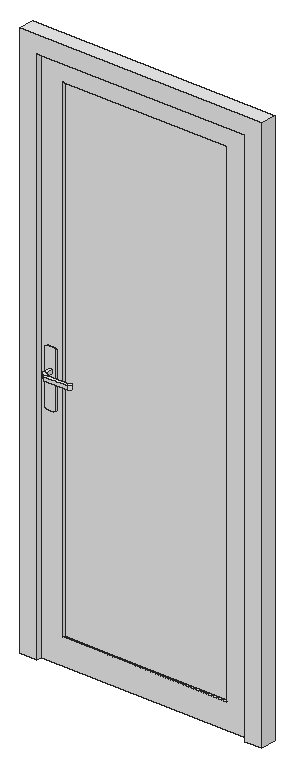
Revit family "1f8d478efd5c45ef9d9ec268079f8082", category Portes, Revit 2024
Family settings
  Hôte = Mur
  Toujours verticalement = Oui
  Couper avec des vides une fois chargée = Non
  Partagée = Non
  Repère de localisation dans la pièce = Non
Parameters (values of type "0.83m x 2.10m")
  Visual Light Transmittance = 0.9
  Définir les propriétés thermiques par = Type schématique
  Solar Heat Gain Coefficient = 0.86
  Prof. Feuillure = 50 mm
  ID de type de construction = ""
  Coefficient de transfert thermique (U) = 5.5617 W/(m²·K)
  Poignée = PVC - Blanc
  Panneau = PVC - Blanc
  Opération = "SingleSwingRight"
  Fonction = Intérieur
  Dormants = PVC - Blanc
  Larg. Feuillure = 40 mm
  Hauteur = 2100 mm
  Fermeture du mur = Par hôte
  Largeur = 830 mm
  Epaisseur = 40 mm
  Hauteur de la poignée = 1000 mm
  Construction analytique = Grandes fenêtres à vitrage simple
Types (4, lengths in mm): name | Largeur
  (no name) | 830
  0.73m x 2.10m | 730
  0.83m x 2.10m | 830
  0.93m x 2.10m | 930
Reference planes
  plane 1: y = -3.794
  plane 2 "Centre (gauche/droite)": x = 0
  plane 3 "Gauche": x = -425
  plane 4 "Droite": x = 425
  plane 5: z = 2110
  plane 6 "Extérieur": y = 71.206
  plane 7 "Intérieur": y = -78.794
  plane 8: x = -415
  plane 9: x = 415
  plane 10: x = -315
  plane 11: x = 315
  plane 12: z = 1000
  plane 13 "FM": y = -28.794
  plane 14: z = 2100
  plane 15: x = -400
  plane 16: x = 400
  plane 17: z = 1055
Forms (mm)
  Extrusion 1, void
    sketch origin (0, 0, 0) x (1, 0, 0) y (0, 1, 0)
      loop
        line (-425, 371.206) -> (-425, -378.794) -> (425, -378.794) -> (425, 371.206) -> (-425, 371.206)
    from 0 to 2110
  Sweep 2, void
    path origin (0, -78.794, 0) x (1, 0, 0) y (0, 0, 1)
      loop
        line (-425, 0) -> (-425, 2110) -> (425, 2110) -> (425, 0)
    profile origin (0, 0, 1055) x (-1, 0, 0) y (0, -1, 0)
      loop
        line (465, 78.794) -> (425, 78.794) -> (425, 28.794) -> (465, 28.794) -> (465, 78.794)
  Sweep 3, solid, material "PVC - Blanc" <- "Dormants", detail levels coarse+medium
    path origin (0, -78.794, 0) x (1, 0, 0) y (0, 0, 1)
      loop
        line (-425, 0) -> (-425, 2110) -> (425, 2110) -> (425, 0)
    profile origin (0, 0, 1055) x (-1, 0, 0) y (0, -1, 0)
      loop
        line (465, 88.794) -> (415, 88.794) -> (415, 28.794) -> (465, 28.794) -> (465, 88.794)
  Sweep 4, solid, material "PVC - Blanc" <- "Dormants", detail levels fine
    path origin (0, -78.794, 0) x (1, 0, 0) y (0, 0, 1)
      loop
        line (-425, 0) -> (-425, 2110) -> (425, 2110) -> (425, 0)
    profile origin (0, 0, 1055) x (-1, 0, 0) y (0, -1, 0)
      loop
        line (400, 88.794) -> (400, 68.794) -> (415, 68.794) -> (415, 28.794) -> (465, 28.794) -> (465, 88.794) -> (400, 88.794)
  Extrusion 5, solid, material "PVC - Blanc" <- "Panneau", detail levels medium+fine
    sketch origin (-415, -68.794, 0) x (0, 0, 1) y (1, 0, 0)
      loop
        line (2100, 830) -> (0, 830) -> (0, 0) -> (2100, 0) -> (2100, 830)
    from 0 to 40 <- "Epaisseur"
  Extrusion 6, void
    sketch origin (-415, -28.794, 0) x (0, 0, -1) y (1, 0, 0)
      loop
        line (-2010, 730) -> (-2010, 100) -> (-100, 100) -> (-100, 730) -> (-2010, 730)
    from 0 to 8
  Extrusion 7, void
    sketch origin (-415, -68.794, 0) x (0, 0, 1) y (1, 0, 0)
      loop
        line (2010, 100) -> (2010, 730) -> (100, 730) -> (100, 100) -> (2010, 100)
    from 0 to 8
  Extrusion 8, solid, material "PVC - Blanc" <- "Panneau", detail levels coarse
    sketch origin (-415, -68.794, 0) x (0, 0, 1) y (1, 0, 0)
      loop
        line (2100, 830) -> (0, 830) -> (0, 0) -> (2100, 0) -> (2100, 830)
    from 0 to 40 <- "Epaisseur"
Cuts and joins
  Extrusion 6, Extrusion 7 cuts Sweep 3
  Extrusion 6, Extrusion 7 cuts Sweep 4
  Extrusion 6, Extrusion 7 cuts Extrusion 5
Lines and regions (mm)
  symbolic lines, style "Sens d'ouverture du plan", detail levels medium+fine
    curve 1: arc (-415, -28.794, 0) -> (-171.899, 558.105, 0) -> (415, 801.206, 0) r 830
  symbolic lines, style "DoorsPanelProjection"
    curve 2: line (415, -28.794, 0) -> (415, 801.206, 0)
  symbolic lines, style "DoorsPanelProjection", detail levels fine
    curve 3: line (415, 801.206, 0) -> (375, 801.206, 0)
    curve 4: line (375, 801.206, 0) -> (375, -28.794, 0)
    curve 5: line (415, -28.794, 0) -> (375, -28.794, 0)
  symbolic lines, style "Sens d'ouverture du plan", detail levels coarse
    curve 6: line (-415, -28.794, 0) -> (415, 801.206, 0)
  symbolic lines, style "Sens d'ouverture de l'élévation"
    curve 7: line (415, -78.794, 2100) -> (-415, -78.794, 1055)
    curve 8: line (-415, -78.794, 1055) -> (415, -78.794, 0)
Text (mm)
  text "Extérieur" at (-2295.016, 1099.543, 0), in view "Faible"
  text "Extérieur" at (0, 1615.38, 3698.081), in view "Gauche"
  text "Extérieur" at (0, 1036.032, 3874.932), in view "Droite"
  text "Extérieur" at (-2295.016, 1099.543, 0), in view "Moyen"
  text "Extérieur" at (-2295.016, 1099.543, 0), in view "Elevé"
Dimensions and locks
  equal spacing: plane 3 "Gauche", plane 2 "Centre (gauche/droite)", plane 4 "Droite"
  "Largeur": plane 8 to plane 9
  host wall to plane 5 = 2110 mm  (x2)
  locked: plane 6 "Extérieur" to host wall
  locked: plane 7 "Intérieur" to host wall
  locked: plane 8 to plane 10 at 100
  locked: plane 11 to plane 9 at 100
  "Hauteur de la poignée": plane 12 to level
  locked: plane 3 "Gauche" to plane 8 at 10
  locked: plane 6 "Extérieur" to Extrusion 1 sketch curve at 300
  locked: Extrusion 1 sketch curve to plane 7 "Intérieur" at 300
  "Prof. Feuillure": plane 7 "Intérieur" to Sweep 2 sketch curve
  "Larg. Feuillure": Sweep 2 sketch curve to plane 3 "Gauche"
  locked: Sweep 3 sketch curve to plane 7 "Intérieur" at 10
  "Larg. Feuillure": Sweep 3 sketch curve to plane 3 "Gauche"
  "Prof. Feuillure": plane 7 "Intérieur" to Sweep 3 sketch curve
  "Larg. Feuillure": Sweep 4 sketch curve to plane 3 "Gauche"
  "Prof. Feuillure": plane 7 "Intérieur" to Sweep 4 sketch curve
  locked: Sweep 4 sketch curve to plane 7 "Intérieur" at 10
  "Prof. Feuillure": plane 7 "Intérieur" to plane 13 "FM"
  locked: plane 5 to plane 14 at 10
  "Hauteur": plane 14 to level
  locked: plane 9 to plane 4 "Droite" at 10
  locked: plane 8 to plane 15 at 15
  locked: plane 16 to plane 9 at 15
  "Epaisseur": Sweep 4 sketch curve to Sweep 4 sketch curve
  locked: Extrusion 6 sketch curve to plane 5 at 100
  locked: cut or joined group of Extrusion 5, Extrusion 6, Extrusion 7 to Extrusion 6 sketch curve at 100
  locked: Extrusion 7 sketch curve to cut or joined group of Extrusion 5, Extrusion 6, Extrusion 7 at 100
  locked: plane 5 to Extrusion 7 sketch curve at 100
  "Epaisseur": curve 4 to plane 9
  equal spacing: plane 5, plane 17, level
  aligned and locked: plane 1 to host wall
  aligned and locked: Extrusion 1 sketch curve to plane 3 "Gauche"
  aligned and locked: plane 4 "Droite" to Extrusion 1 sketch curve
  aligned and locked: Sweep 2 sketch curve to plane 3 "Gauche"  (x2)
  aligned and locked: Sweep 2 sketch curve to plane 4 "Droite"
  aligned and locked: plane 5 to Sweep 2 sketch curve
  aligned and locked: plane 7 "Intérieur" to Sweep 2 sketch curve
  aligned and locked: Sweep 3 sketch curve to plane 3 "Gauche"
  aligned and locked: Sweep 3 sketch curve to plane 4 "Droite"
  aligned and locked: plane 5 to Sweep 3 sketch curve
  aligned and locked: Sweep 3 sketch curve to plane 8
  aligned and locked: Sweep 4 sketch curve to plane 3 "Gauche"
  aligned and locked: Sweep 4 sketch curve to plane 4 "Droite"
  aligned and locked: plane 5 to Sweep 4 sketch curve
  aligned and locked: nested 1 to plane 8
  aligned and locked: Extrusion 1 to plane 5
  aligned and locked: Sweep 4 sketch curve to plane 8
  aligned and locked: plane 15 to Sweep 4 sketch curve
  aligned and locked: Extrusion 5 sketch curve to Sweep 4  (x3)
  aligned and locked: Extrusion 5 sketch curve to level
  aligned and locked: nested 1 to Sweep 3
  aligned and locked: plane 11 to Extrusion 6 sketch curve
  aligned and locked: Extrusion 6 sketch curve to plane 10
  aligned and locked: Extrusion 7 sketch curve to plane 10
  aligned and locked: plane 11 to Extrusion 7 sketch curve
  aligned and locked: cut or joined group of Sweep 3, Extrusion 6, Extrusion 7 to curve 1
  aligned and locked: curve 2 to plane 9
  aligned and locked: plane 13 "FM" to curve 5
  aligned and locked: Extrusion 8 sketch curve to plane 9
  aligned and locked: Extrusion 8 sketch curve to plane 14
  aligned and locked: Extrusion 8 sketch curve to plane 8
  aligned and locked: Extrusion 8 sketch curve to level
  aligned and locked: plane 9 to Extrusion 8  (x2)
  aligned and locked: plane 17 to curve 8
  aligned and locked: level to Extrusion 8
Automatic sketch dimensions
  Sweep 2 sketch curve to level = 0 mm  (x2)
  Sweep 3 sketch curve to level = 0 mm  (x2)
  Sweep 4 sketch curve to level = 0 mm  (x2)
  curve 1 to plane 8 = 0 mm
  curve 8 to plane 8 = 0 mm
  curve 8 to level = 0 mm
  curve 8 to plane 9 = 0 mm
  curve 7 to plane 9 = 0 mm
  curve 7 to plane 14 = 0 mm
Nested families
  nested 1: "Poignée Porte" at (-399.12, -3.512, 0), type "Poignée Porte", detail levels fine
    with Hauteur de la poignée 1000 mm
Definition of nested family "Poignée Porte"
  Parameters
    Mat. Poignée = none
    Ep. Panneau = 40 mm
    Hauteur de la poignée = 1200 mm
    Dec. Bord Porte = 55 mm
  Reference planes
    plane 1 "Centre (avant/arrière)": y = -45.282
    plane 2: z = 0
    plane 3 "Centre (gauche/droite)": x = -15.88
    plane 4 "EP": z = 1200
    plane 5 "AR": y = -25.282
    plane 6 "AV": y = -65.282
    plane 7: x = 39.12
  Forms (mm)
    Extrusion 1, solid, material <- "Mat. Poignée"
      sketch origin (0, -65.282, 0) x (1, 0, 0) y (0, 0, 1)
        loop
          line (19.12, 1280) -> (19.12, 1070)
          arc (19.12, 1070) -> (39.12, 1064.641) -> (59.12, 1070) r 40
          line (59.12, 1070) -> (59.12, 1280)
          arc (59.12, 1280) -> (39.12, 1285.359) -> (19.12, 1280) r 40
      from 0 to 5
    Extrusion 2, solid, material <- "Mat. Poignée"
      sketch origin (0, -25.282, 0) x (1, 0, 0) y (0, 0, 1)
        loop
          line (59.12, 1070) -> (59.12, 1280)
          arc (59.12, 1280) -> (39.12, 1285.359) -> (19.12, 1280) r 40
          line (19.12, 1280) -> (19.12, 1070)
          arc (19.12, 1070) -> (39.12, 1064.641) -> (59.12, 1070) r 40
      from 0 to -5
    Sweep 3, solid, material <- "Mat. Poignée"
      path origin (0, 0, 1200) x (0, -1, 0) y (1, 0, 0)
        loop
          line (70.282, 39.12) -> (95.447, 39.12) -> (110.31, 53.982) -> (110.31, 139.138) -> (103.239, 146.21)
      profile origin (0, -82.864, 0) x (1, 0, 0) y (0, 0, 1)
        loop
          arc (33.12, 1193) -> (39.12, 1192.121) -> (45.12, 1193) r 20.924
          line (45.12, 1193) -> (45.12, 1207)
          arc (45.12, 1207) -> (39.12, 1207.879) -> (33.12, 1207) r 20.924
          line (33.12, 1207) -> (33.12, 1193)
    Sweep 4, solid, material <- "Mat. Poignée"
      path origin (0, 0, 1200) x (0, -1, 0) y (1, 0, 0)
        loop
          line (20.282, 39.12) -> (-4.689, 39.12) -> (-19.689, 54.12) -> (-19.689, 139.166) -> (-12.618, 146.237)
      profile origin (0, -7.796, 0) x (-1, 0, 0) y (0, 0, 1)
        loop
          line (-45.12, 1207) -> (-45.12, 1193)
          arc (-45.12, 1193) -> (-39.12, 1192.121) -> (-33.12, 1193) r 20.924
          line (-33.12, 1193) -> (-33.12, 1207)
          arc (-33.12, 1207) -> (-39.12, 1207.879) -> (-45.12, 1207) r 20.924
  Dimensions and locks
    "Hauteur de la poignée": plane 4 "EP" to level
    equal spacing: plane 6 "AV", plane 1 "Centre (avant/arrière)", plane 5 "AR"
    "Ep. Panneau": plane 6 "AV" to plane 5 "AR"
    "Dec. Bord Porte": plane 7 to plane 3 "Centre (gauche/droite)"
    equal spacing: Extrusion 1 sketch curve, plane 7, Extrusion 1 sketch curve
    locked: Extrusion 1 sketch curve to Extrusion 1 sketch curve at 40
    equal spacing: Sweep 3 sketch curve, plane 7, Sweep 3 sketch curve
    aligned and locked: Extrusion 2 sketch curve to Extrusion 1  (x4)
    aligned and locked: Sweep 3 sketch curve to Extrusion 1
    aligned and locked: Sweep 4 sketch curve to Extrusion 2
    aligned and locked: Sweep 4 sketch curve to Sweep 3  (x4)
  Automatic sketch dimensions
    Extrusion 1 sketch curve to plane 7 = 0 mm
    plane 4 "EP" to Extrusion 1 sketch curve = 95.359 mm
    Extrusion 1 sketch curve to Extrusion 1 sketch curve = 34.641 mm  (x2)
    Extrusion 1 sketch curve to plane 4 "EP" = 80 mm
    Extrusion 1 sketch curve to Extrusion 1 sketch curve = 0 mm
    Sweep 3 sketch curve to profile plane = 0 mm
    profile plane to Sweep 3 sketch curve = 6 mm
    plane 4 "EP" to Sweep 3 sketch curve = 13.046 mm
    plane 4 "EP" to Sweep 3 sketch curve = 7 mm  (x2)
    Sweep 3 sketch curve to plane 4 "EP" = 7 mm
    Sweep 3 sketch curve to Sweep 3 sketch curve = 6.046 mm
    Sweep 3 sketch curve to plane 7 = 0 mm
    Sweep 3 sketch curve to Sweep 3 sketch curve = 25.166 mm
    plane 6 "AV" to Sweep 3 sketch curve = 37.957 mm
    Sweep 3 sketch curve to plane 7 = 14.862 mm
    Sweep 3 sketch curve to Sweep 3 sketch curve = 14.862 mm
    Sweep 3 sketch curve to Sweep 3 sketch curve = 85.156 mm
    Sweep 3 sketch curve to Sweep 3 sketch curve = 7.071 mm
    Sweep 4 sketch curve to plane 7 = 0 mm
    Sweep 4 sketch curve to Sweep 4 sketch curve = 24.97 mm
    Sweep 4 sketch curve to plane 5 "AR" = 37.899 mm
    Sweep 4 sketch curve to plane 7 = 15 mm
    Sweep 4 sketch curve to Sweep 4 sketch curve = 15 mm
    Sweep 4 sketch curve to Sweep 4 sketch curve = 85.046 mm
    Sweep 4 sketch curve to Sweep 4 sketch curve = 7.071 mm
